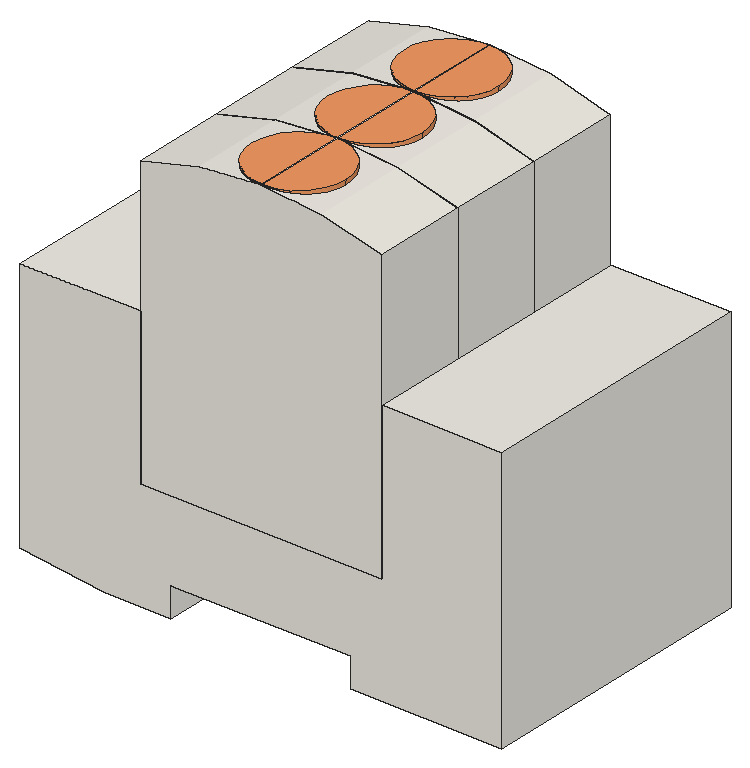
Revit family "Überspannungsableiter V20, 3-polig", category Generic Models, Revit 2015
Parameters (values of type "V20-3-550")
  Width = 90 mm
  URL = "http://www.obo-bettermann.com"
  Material 2 = PA 66/6 FR HF RAL 2003
  Material = PA 66/6 FR HF RAL 9010
  Manufacturer Art.No. = "5095213"
  Manufacturer = "OBO Bettermann"
  Length = 53.4 mm
  Height = 78.5 mm
  GTIN = "4012196160006"
  Article Type = "V20-3-550"
Types (6, lengths in mm): name | Manufacturer Art.No. | GTIN | Article Type
  (no name) | "5095213" | "4012196160006" | "V20-3-550"
  V20-3-150 | "5095153" | "4012196159789" | "V20-3-150"
  V20-3-280 | "5095163" | "4012196159826" | "V20-3-280"
  V20-3-320 | "5095173" | "4012196159864" | "V20-3-320"
  V20-3-385 | "5095193" | "4012196159901" | "V20-3-385"
  V20-3-550 | "5095213" | "4012196160006" | "V20-3-550"
Reference planes
  plane 1 "Center (Front/Back)": y = 0
  plane 2: z = 0
  plane 3 "Center (Left/Right)": x = 0
  plane 4: y = 17.8
  plane 5: z = 78.5
  plane 6: z = 78.5
  plane 7: z = 77.5
  plane 8: y = 35.6
  plane 9: y = 53.4
Forms (mm)
  Extrusion 1, solid, material "PA 66/6 FR HF RAL 9010" <- "Material"
    sketch origin (0, 0, 0) x (1, 0, 0) y (0, 0, 1)
      loop
        line (-29.35, 0) -> (-16.75, 0) -> (-16.75, 5.5) -> (16.75, 5.5) -> (16.75, 0) -> (45, 0) -> (45, 49.5) -> (22.5, 49.5) -> (22.5, 20.5) -> (-22.5, 20.5) -> (-22.5, 49.5) -> (-45, 49.5) -> (-45, 1.922) -> (-29.35, 0)
    from -53.4 to 0
  Extrusion 2, solid, material "PA 66/6 FR HF RAL 9010" <- "Material"
    sketch origin (0, 0, 0) x (1, 0, 0) y (0, 0, 1)
      loop
        line (-22.5, 20.5) -> (22.5, 20.5) -> (22.5, 74.639)
        arc (22.5, 74.639) -> (0, 78.5) -> (-22.5, 74.639) r 67.488
        line (-22.5, 74.639) -> (-22.5, 20.5)
    from -17.8 to 0
  Extrusion 3, solid, material "PA 66/6 FR HF RAL 2003" <- "Material 2"
    sketch origin (0, 0, 0) x (1, 0, 0) y (0, 1, 0)
      loop
        circle (0, 8.9) r 8.75
    from 77.5 to 78.5
  Extrusion 4, solid, material "PA 66/6 FR HF RAL 9010" <- "Material"
    sketch origin (0, 0, 0) x (1, 0, 0) y (0, 0, 1)
      loop
        line (-22.5, 74.639) -> (-22.5, 20.5) -> (22.5, 20.5) -> (22.5, 74.639)
        arc (22.5, 74.639) -> (0, 78.5) -> (-22.5, 74.639) r 67.488
    from -35.6 to -17.8
  Extrusion 5, solid, material "PA 66/6 FR HF RAL 2003" <- "Material 2"
    sketch origin (0, 0, 0) x (1, 0, 0) y (0, 1, 0)
      loop
        circle (0, 26.7) r 8.8
    from 77.5 to 78.5
  Extrusion 6, solid, material "PA 66/6 FR HF RAL 9010" <- "Material"
    sketch origin (0, 0, 0) x (1, 0, 0) y (0, 0, 1)
      loop
        line (-22.5, 74.639) -> (-22.5, 20.5) -> (22.5, 20.5) -> (22.5, 74.639)
        arc (22.5, 74.639) -> (0, 78.5) -> (-22.5, 74.639) r 67.488
    from -53.4 to -35.6
  Extrusion 7, solid, material "PA 66/6 FR HF RAL 2003" <- "Material 2"
    sketch origin (0, 0, 0) x (1, 0, 0) y (0, 1, 0)
      loop
        circle (0, 44.5) r 8.8
    from 77.5 to 78.5
Dimensions and locks
  locked: Extrusion 1 sketch curve to Extrusion 1 sketch curve at 33.5
  locked: plane 3 "Center (Left/Right)" to Extrusion 1 sketch curve at 16.75
  locked: Extrusion 1 sketch curve to level at 5.5
  "Width": Extrusion 1 sketch curve to Extrusion 1 sketch curve
  equal spacing: Extrusion 1 sketch curve, plane 3 "Center (Left/Right)", Extrusion 1 sketch curve, locked at 45 each
  locked: Extrusion 1 sketch curve to Extrusion 1 sketch curve at 44
  locked: Extrusion 1 sketch curve to Extrusion 1 sketch curve at 45
  equal spacing: Extrusion 1 sketch curve, plane 3 "Center (Left/Right)", Extrusion 1 sketch curve, locked at 22.5 each
  locked: Extrusion 1 sketch curve to Extrusion 1 sketch curve at 29
  locked: Extrusion 1 sketch curve to Extrusion 1 sketch curve at 15.65
  locked: Extrusion 1 sketch curve to level at 1.922
  "Height": plane 5 to level
  locked: Extrusion 2 sketch curve to Extrusion 1 at 54.139
  locked: Extrusion 2 to Extrusion 3 sketch curve at 8.9
  "Height": plane 6 to level
  locked: plane 6 to plane 7 at 1
  locked: plane 4 to plane 1 "Center (Front/Back)" at 17.8
  Extrusion 4 to Extrusion 5 sketch curve = 8.9 mm
  locked: plane 8 to plane 4 at 17.8
  "Length": plane 9 to plane 1 "Center (Front/Back)"
  locked: Extrusion 6 to Extrusion 7 sketch curve at 8.9
  radius of Extrusion 2 sketch curve = 67.488 mm
  radius of Extrusion 3 sketch curve = 8.75 mm
  radius of Extrusion 5 sketch curve = 8.8 mm
  radius of Extrusion 7 sketch curve = 8.8 mm
  aligned and locked: level to plane 2
  aligned and locked: Extrusion 1 sketch curve to level  (x2)
  aligned and locked: Extrusion 1 sketch curve to Extrusion 1 sketch curve
  aligned and locked: plane 1 "Center (Front/Back)" to Extrusion 1
  aligned and locked: Extrusion 2 sketch curve to Extrusion 1  (x3)
  aligned and locked: Extrusion 2 sketch curve to Extrusion 2 sketch curve
  aligned and locked: plane 1 "Center (Front/Back)" to Extrusion 2
  aligned and locked: plane 6 to Extrusion 3
  aligned and locked: Extrusion 3 to plane 7
  aligned and locked: Extrusion 4 sketch curve to Extrusion 2  (x4)
  aligned and locked: Extrusion 4 to plane 4
  aligned and locked: Extrusion 5 to Extrusion 3  (x2)
  aligned and locked: plane 9 to Extrusion 1
  aligned and locked: Extrusion 6 sketch curve to Extrusion 2  (x4)
  aligned and locked: Extrusion 1 to Extrusion 6
  aligned and locked: Extrusion 6 to plane 8
  aligned and locked: Extrusion 7 to Extrusion 3  (x2)
Automatic sketch dimensions
  Extrusion 3 sketch curve to plane 3 "Center (Left/Right)" = 0 mm
  Extrusion 5 sketch curve to plane 3 "Center (Left/Right)" = 0 mm
  Extrusion 7 sketch curve to plane 3 "Center (Left/Right)" = 0 mm
